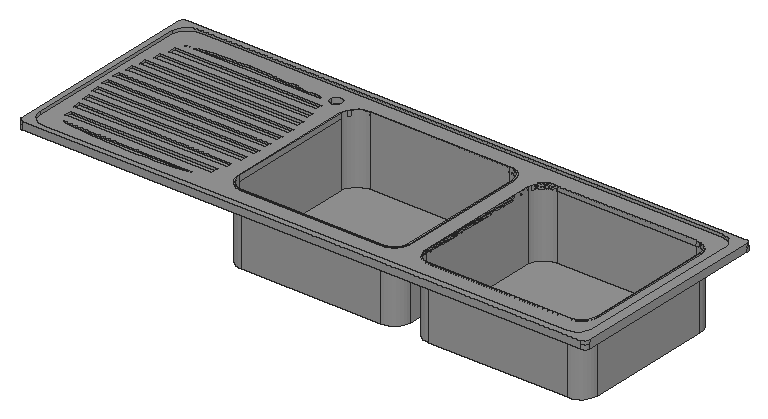
Revit family "W70271201 LAVAPLATOS GLARUS", category Modelos genéricos, Revit 2015
Parameters (values of type "HJ2010114")
  Material = Bronce Cromado
Reference planes
  plane 1 "Center (Front/Back)": y = -842.943
  plane 2: z = 0
  plane 3 "Center (Left/Right)": x = 0
Forms (mm)
  Extrusion 1, solid, material "Acero inoxidable, pulido"
    sketch origin (-200, 0, 0) x (-1, 0, 0) y (0, -1, 0)
      loop
        arc (-800, 635.443) -> (-797.071, 628.372) -> (-790, 625.443) r 10
        line (-790, 625.443) -> (390, 625.443)
        arc (390, 625.443) -> (397.071, 628.372) -> (400, 635.443) r 10
        line (400, 635.443) -> (400, 1050.443)
        arc (400, 1050.443) -> (397.071, 1057.514) -> (390, 1060.443) r 10
        line (390, 1060.443) -> (-790, 1060.443)
        arc (-790, 1060.443) -> (-797.071, 1057.514) -> (-800, 1050.443) r 10
        line (-800, 1050.443) -> (-800, 635.443)
    from 840.122 to 850
  Extrusion 2, void
    sketch origin (-639.584, 0, 0) x (-1, 0, 0) y (0, -1, 0)
      loop
        circle (-404.455, 676.242) r 12
    from 816.681 to 880
  Extrusion 3, void
    sketch origin (-195.335, -0.078, 0) x (1, 0, 0) y (0, 1, 0)
      loop
        circle (276.343, -842.865) r 20
    from 668.047 to 720
  Extrusion 4, void
    sketch origin (-200, 0, -2.392) x (-1, 0, 0) y (0, -1, 0)
      loop
        line (122.033, 674.996) -> (140.191, 674.037) -> (159.575, 673.337) -> (179.791, 672.912) -> (200.426, 672.769) -> (221.062, 672.912) -> (241.278, 673.337) -> (260.661, 674.037) -> (278.819, 674.996) -> (295.381, 676.196) -> (310.01, 677.612) -> (322.408, 679.215) -> (332.323, 680.972) -> (339.553, 682.848) -> (343.95, 684.804) -> (345.426, 686.801) -> (55.426, 686.801) -> (56.902, 684.804) -> (61.3, 682.848) -> (68.53, 680.972) -> (78.445, 679.215) -> (90.843, 677.612) -> (105.472, 676.196) -> (122.033, 674.996)
      loop
        line (45.161, 702.341) -> (355.161, 702.341) -> (355.161, 717.341) -> (45.161, 717.341) -> (45.161, 702.341)
      loop
        line (37.708, 733.39) -> (362.708, 733.39) -> (362.708, 748.39) -> (37.708, 748.39) -> (37.708, 733.39)
      loop
        line (32.708, 764.44) -> (367.708, 764.44) -> (367.708, 779.44) -> (32.708, 779.44) -> (32.708, 764.44)
      loop
        line (30.208, 794.44) -> (372.708, 794.44) -> (372.708, 809.44) -> (30.208, 809.44) -> (30.208, 794.44)
      loop
        line (30.208, 824.44) -> (375.208, 824.44) -> (375.208, 839.44) -> (30.208, 839.44) -> (30.208, 824.44)
      loop
        line (375.208, 869.44) -> (30.208, 869.44) -> (30.208, 854.44) -> (375.208, 854.44) -> (375.208, 869.44)
      loop
        line (30.208, 884.44) -> (372.708, 884.44) -> (372.708, 899.44) -> (30.208, 899.44) -> (30.208, 884.44)
      loop
        line (32.708, 914.44) -> (367.708, 914.44) -> (367.708, 929.44) -> (32.708, 929.44) -> (32.708, 914.44)
      loop
        line (37.708, 945.489) -> (362.708, 945.489) -> (362.708, 960.489) -> (37.708, 960.489) -> (37.708, 945.489)
      loop
        line (55.426, 1007.078) -> (345.426, 1007.078) -> (343.95, 1009.075) -> (339.553, 1011.031) -> (332.323, 1012.907) -> (322.408, 1014.664) -> (310.01, 1016.267) -> (295.381, 1017.683) -> (278.819, 1018.883) -> (260.661, 1019.842) -> (241.278, 1020.542) -> (221.062, 1020.967) -> (200.426, 1021.11) -> (179.791, 1020.967) -> (159.575, 1020.542) -> (140.191, 1019.842) -> (122.033, 1018.883) -> (105.472, 1017.683) -> (90.843, 1016.267) -> (78.445, 1014.664) -> (68.53, 1012.907) -> (61.3, 1011.031) -> (56.902, 1009.075) -> (55.426, 1007.078)
      loop
        line (45.161, 976.538) -> (355.161, 976.538) -> (355.161, 991.538) -> (45.161, 991.538) -> (45.161, 976.538)
    from 848.322 to 879.122
  Extrusion 5, solid, material "Acero inoxidable, pulido"
    sketch origin (-200, 0, 790) x (-1, 0, 0) y (0, -1, 0)
      loop
        arc (-800, 635.443) -> (-797.071, 628.372) -> (-790, 625.443) r 10
        line (-790, 625.443) -> (390, 625.443)
        arc (390, 625.443) -> (397.071, 628.372) -> (400, 635.443) r 10
        line (400, 635.443) -> (400, 1050.443)
        arc (400, 1050.443) -> (397.071, 1057.514) -> (390, 1060.443) r 10
        line (390, 1060.443) -> (-790, 1060.443)
        arc (-790, 1060.443) -> (-797.071, 1057.514) -> (-800, 1050.443) r 10
        line (-800, 1050.443) -> (-800, 635.443)
      loop
        line (-780, 1016.443) -> (-780, 668.693)
        arc (-780, 668.693) -> (-770.261, 645.181) -> (-746.75, 635.443) r 33.25
        line (-746.75, 635.443) -> (355.023, 635.443)
        arc (355.023, 635.443) -> (378.534, 645.181) -> (388.273, 668.693) r 33.25
        line (388.273, 668.693) -> (388.273, 1016.443)
        arc (388.273, 1016.443) -> (378.534, 1039.954) -> (355.023, 1049.693) r 33.25
        line (355.023, 1049.693) -> (-746.75, 1049.693)
        arc (-746.75, 1049.693) -> (-770.261, 1039.954) -> (-780, 1016.443) r 33.25
    from 60 to 65.614
  Extrusion 6, solid, material "Acero inoxidable, pulido"
    sketch origin (-190, 0, 0) x (-1, 0, 0) y (0, -1, 0)
      loop
        line (-315, 667.943) -> (-20, 667.943)
        arc (-20, 667.943) -> (4.749, 678.194) -> (15, 702.943) r 35
        line (15, 702.943) -> (15, 972.943)
        arc (15, 972.943) -> (4.749, 997.691) -> (-20, 1007.943) r 35
        line (-20, 1007.943) -> (-315, 1007.943)
        arc (-315, 1007.943) -> (-339.749, 997.691) -> (-350, 972.943) r 35
        line (-350, 972.943) -> (-350, 702.943)
        arc (-350, 702.943) -> (-339.749, 678.194) -> (-315, 667.943) r 35
    from 701.038 to 850
  Extrusion 7, void
    sketch origin (1184.919, -0.078, 0) x (-1, 0, 0) y (0, -1, 0)
      loop
        line (664.919, 669.865) -> (959.919, 669.865)
        arc (959.919, 669.865) -> (983.253, 679.53) -> (992.919, 702.865) r 33
        line (992.919, 702.865) -> (992.919, 972.865)
        arc (992.919, 972.865) -> (983.253, 996.2) -> (959.919, 1005.865) r 33
        line (959.919, 1005.865) -> (664.919, 1005.865)
        arc (664.919, 1005.865) -> (641.584, 996.2) -> (631.919, 972.865) r 33
        line (631.919, 972.865) -> (631.919, 702.865)
        arc (631.919, 702.865) -> (641.584, 679.53) -> (664.919, 669.865) r 33
    from 704.15 to 1025
  Extrusion 8, void
    sketch origin (545.335, -0.078, 0) x (-1, 0, 0) y (0, -1, 0)
      loop
        circle (276.343, 842.865) r 20
    from 668.047 to 720
  Extrusion 9, solid, material "Acero inoxidable, pulido"
    sketch origin (540, 0, 0) x (1, 0, 0) y (0, 1, 0)
      loop
        arc (-315, -667.943) -> (-339.749, -678.194) -> (-350, -702.943) r 35
        line (-350, -702.943) -> (-350, -972.943)
        arc (-350, -972.943) -> (-339.749, -997.691) -> (-315, -1007.943) r 35
        line (-315, -1007.943) -> (-20, -1007.943)
        arc (-20, -1007.943) -> (4.749, -997.691) -> (15, -972.943) r 35
        line (15, -972.943) -> (15, -702.943)
        arc (15, -702.943) -> (4.749, -678.194) -> (-20, -667.943) r 35
        line (-20, -667.943) -> (-315, -667.943)
    from 701.038 to 850
  Extrusion 10, void
    sketch origin (789.919, -0.078, 0) x (-1, 0, 0) y (0, -1, 0)
      loop
        line (664.919, 669.865) -> (959.919, 669.865)
        arc (959.919, 669.865) -> (983.253, 679.53) -> (992.919, 702.865) r 33
        line (992.919, 702.865) -> (992.919, 972.865)
        arc (992.919, 972.865) -> (983.253, 996.2) -> (959.919, 1005.865) r 33
        line (959.919, 1005.865) -> (664.919, 1005.865)
        arc (664.919, 1005.865) -> (641.584, 996.2) -> (631.919, 972.865) r 33
        line (631.919, 972.865) -> (631.919, 702.865)
        arc (631.919, 702.865) -> (641.584, 679.53) -> (664.919, 669.865) r 33
    from 704.15 to 1025
Cuts and joins
  Extrusion 3, Extrusion 7, Extrusion 8, Extrusion 10 cuts Extrusion 6
  Extrusion 2, Extrusion 4, Extrusion 7, Extrusion 10 cuts Extrusion 1
  Extrusion 4 cuts Extrusion 5
  joined: Extrusion 1, Extrusion 5
  Extrusion 7, Extrusion 8, Extrusion 10 cuts Extrusion 9
Lines and regions (mm)
  Filled region 1, type "lavaropa.dwg-1", in view "Ref. Level"
    outline origin (0, 0, 0) x (1, 0, 0) y (0, 1, 0)
      loop
        line (-1169.765, 898.732) -> (-1163.098, 898.732) -> (-1166.432, 918.732) -> (-1169.765, 898.732)
  Filled region 2, type "lavaropa.dwg-1", in view "Ref. Level"
    outline origin (0, 0, 0) x (1, 0, 0) y (0, 1, 0)
      loop
        line (-1169.765, 238.732) -> (-1166.432, 218.732) -> (-1163.098, 238.732) -> (-1169.765, 238.732)
  Filled region 3, type "lavaropa.dwg-1", in view "Ref. Level"
    outline origin (0, 0, 0) x (1, 0, 0) y (0, 1, 0)
      loop
        line (-1073.493, 1065.208) -> (-1093.493, 1061.875) -> (-1073.493, 1058.542) -> (-1073.493, 1065.208)
  Filled region 4, type "lavaropa.dwg-1", in view "Ref. Level"
    outline origin (0, 0, 0) x (1, 0, 0) y (0, 1, 0)
      loop
        line (-413.493, 1065.208) -> (-413.493, 1058.542) -> (-393.493, 1061.875) -> (-413.493, 1065.208)
  Filled region 5, type "lavaropa.dwg-1", in view "Ref. Level"
    outline origin (0, 0, 0) x (1, 0, 0) y (0, 1, 0)
      loop
        line (-1249.488, -1078.198) -> (-1246.154, -1098.198) -> (-1242.821, -1078.198) -> (-1249.488, -1078.198)
  Filled region 6, type "lavaropa.dwg-1", in view "Ref. Level"
    outline origin (0, 0, 0) x (1, 0, 0) y (0, 1, 0)
      loop
        line (-1249.488, -268.198) -> (-1242.821, -268.198) -> (-1246.154, -248.198) -> (-1249.488, -268.198)
  Filled region 7, type "lavaropa.dwg-1", in view "Ref. Level"
    outline origin (0, 0, 0) x (1, 0, 0) y (0, 1, 0)
      loop
        line (-298.529, -293.198) -> (-295.195, -313.198) -> (-291.862, -293.198) -> (-298.529, -293.198)
  Filled region 8, type "lavaropa.dwg-1", in view "Ref. Level"
    outline origin (0, 0, 0) x (1, 0, 0) y (0, 1, 0)
      loop
        line (-298.529, -268.198) -> (-291.862, -268.198) -> (-295.195, -248.198) -> (-298.529, -268.198)
  Filled region 9, type "lavaropa.dwg-1", in view "Ref. Level"
    outline origin (0, 0, 0) x (1, 0, 0) y (0, 1, 0)
      loop
        line (-1249.488, -228.198) -> (-1246.154, -248.198) -> (-1242.821, -228.198) -> (-1249.488, -228.198)
  Filled region 10, type "lavaropa.dwg-1", in view "Ref. Level"
    outline origin (0, 0, 0) x (1, 0, 0) y (0, 1, 0)
      loop
        line (-1249.488, -168.198) -> (-1242.821, -168.198) -> (-1246.154, -148.198) -> (-1249.488, -168.198)
  Filled region 11, type "lavaropa.dwg-1", in view "Ref. Level"
    outline origin (0, 0, 0) x (1, 0, 0) y (0, 1, 0)
      loop
        line (-44.084, -1078.198) -> (-40.75, -1098.198) -> (-37.417, -1078.198) -> (-44.084, -1078.198)
  Filled region 12, type "lavaropa.dwg-1", in view "Ref. Level"
    outline origin (0, 0, 0) x (1, 0, 0) y (0, 1, 0)
      loop
        line (-44.084, -333.198) -> (-37.417, -333.198) -> (-40.75, -313.198) -> (-44.084, -333.198)
  Filled region 13, type "lavaropa.dwg-1", in view "Ref. Level"
    outline origin (0, 0, 0) x (1, 0, 0) y (0, 1, 0)
      loop
        line (-44.084, -293.198) -> (-40.75, -313.198) -> (-37.417, -293.198) -> (-44.084, -293.198)
  Filled region 14, type "lavaropa.dwg-1", in view "Ref. Level"
    outline origin (0, 0, 0) x (1, 0, 0) y (0, 1, 0)
      loop
        line (-44.084, -168.198) -> (-37.417, -168.198) -> (-40.75, -148.198) -> (-44.084, -168.198)
  Filled region 15, type "lavaropa.dwg-1", in view "Ref. Level"
    outline origin (0, 0, 0) x (1, 0, 0) y (0, 1, 0)
      loop
        line (900.166, -293.198) -> (903.5, -313.198) -> (906.833, -293.198) -> (900.166, -293.198)
  Filled region 16, type "lavaropa.dwg-1", in view "Ref. Level"
    outline origin (0, 0, 0) x (1, 0, 0) y (0, 1, 0)
      loop
        line (900.166, -268.198) -> (906.833, -268.198) -> (903.5, -248.198) -> (900.166, -268.198)
  Filled region 17, type "lavaropa.dwg-1", in view "Ref. Level"
    outline origin (0, 0, 0) x (1, 0, 0) y (0, 1, 0)
      loop
        line (70.36, -66.978) -> (50.36, -70.312) -> (70.36, -73.645) -> (70.36, -66.978)
  Filled region 18, type "lavaropa.dwg-1", in view "Ref. Level"
    outline origin (0, 0, 0) x (1, 0, 0) y (0, 1, 0)
      loop
        line (729.911, -66.978) -> (729.911, -73.645) -> (749.911, -70.312) -> (729.911, -66.978)
  symbolic lines
    curve 1: line (0, -842.943, 82.5) -> (0, -842.943, 32.5)
Dimensions and locks
  cut or joined group of Extrusion 1, Extrusion 2, Extrusion 4, Extrusion 5, Extrusion 7, Extrusion 10 to cut or joined group of Extrusion 1, Extrusion 2, Extrusion 4, Extrusion 5, Extrusion 7, Extrusion 10 = 1200 mm
  cut or joined group of Extrusion 1, Extrusion 2, Extrusion 4, Extrusion 5, Extrusion 7, Extrusion 10 to cut or joined group of Extrusion 1, Extrusion 2, Extrusion 4, Extrusion 5, Extrusion 7, Extrusion 10 = 435 mm
  cut or joined group of Extrusion 3, Extrusion 6, Extrusion 7, Extrusion 8, Extrusion 10 to cut or joined group of Extrusion 1, Extrusion 2, Extrusion 4, Extrusion 5, Extrusion 7, Extrusion 10 = 154.576 mm
  aligned and locked: level to plane 2
